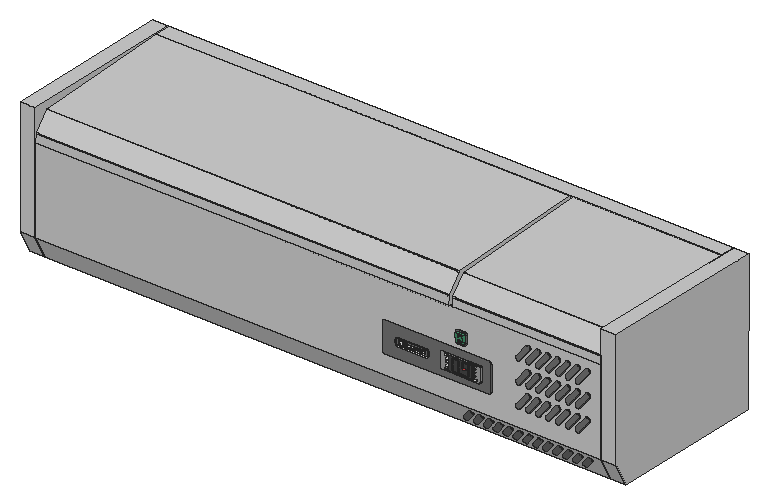
Revit family "QF_BLIZZARD_TOP1200-14EN", category Specialty Equipment, Revit 2016
Family settings
  Part Type = Normal
  Round Connector Dimension = Use Diameter
  OmniClass Number = 23.40.40.14
  OmniClass Title = Food Service Equipment
  Work Plane-Based = No
  Always vertical = Yes
  Cut with Voids When Loaded = No
  Shared = No
  Room Calculation Point = No
Parameters (values of type "TOP1200-14EN")
  URL = "www.blizzardequipment.com"
  Show Logo [instance] = yes
  Show Clearance [instance] = yes
  Model = "TOP1200-14EN"
  Manufacturer = "BLIZZARD"
  Description = "1/4 GASTRONORM PREP TOP WITH HINGED LID 1200MM"
  Assembly Code = "E1090320"
Reference planes
  plane 1 "Back": y = 0
  plane 2: z = 0
  plane 3 "Left": x = 0
  plane 4 "Right": x = 1200
  plane 5 "Front": y = -335
  plane 6 "Top": z = 281
Forms (mm)
  Extrusion 1, solid
    sketch origin (0, -4, -8) x (0, 1, 0) y (0, 0, 1)
      loop
        line (-331, 53) -> (-306, 8) -> (2.955, 8)
        arc (2.955, 8) -> (3.694, 8.306) -> (4, 9.045) r 1.045
        line (4, 9.045) -> (4, 289) -> (-331, 289) -> (-331, 53)
    from 0 to 30
  Extrusion 2, solid
    sketch origin (1170, -4, -8) x (0, 1, 0) y (0, 0, 1)
      loop
        line (-331, 53) -> (-306, 8) -> (2.955, 8)
        arc (2.955, 8) -> (3.694, 8.306) -> (4, 9.045) r 1.045
        line (4, 9.045) -> (4, 289) -> (-331, 289) -> (-331, 53)
    from 0 to 30
  Extrusion 3, solid
    sketch origin (-580, -4, -8) x (0, 1, 0) y (0, 0, 1)
      loop
        line (-331, 53) -> (-306, 8) -> (2.955, 8)
        arc (2.955, 8) -> (3.694, 8.306) -> (4, 9.045) r 1.045
        line (4, 9.045) -> (4, 289) -> (-26, 289) -> (-26, 38) -> (-288.348, 38) -> (-301, 60.774) -> (-301, 224.338) -> (-331, 224.338) -> (-331, 53)
    from 610 to 1750
  Extrusion 4, solid
    sketch origin (-10, -333.5, -8.948) x (1, 0, 0) y (0, 0, 1)
      loop
        line (1030, 207.338) -> (1011.08, 183.441)
        arc (1011.08, 183.441) -> (1011.896, 176.418) -> (1018.92, 177.234) r 5
        line (1018.92, 177.234) -> (1037.84, 201.13)
        arc (1037.84, 201.13) -> (1037.024, 208.154) -> (1030, 207.338) r 5
      loop
        line (1050, 207.338) -> (1031.08, 183.441)
        arc (1031.08, 183.441) -> (1031.896, 176.418) -> (1038.92, 177.234) r 5
        line (1038.92, 177.234) -> (1057.84, 201.13)
        arc (1057.84, 201.13) -> (1057.024, 208.154) -> (1050, 207.338) r 5
      loop
        line (1070, 207.338) -> (1051.08, 183.441)
        arc (1051.08, 183.441) -> (1051.896, 176.418) -> (1058.92, 177.234) r 5
        line (1058.92, 177.234) -> (1077.84, 201.13)
        arc (1077.84, 201.13) -> (1077.024, 208.154) -> (1070, 207.338) r 5
      loop
        line (1090, 207.338) -> (1071.08, 183.441)
        arc (1071.08, 183.441) -> (1071.896, 176.418) -> (1078.92, 177.234) r 5
        line (1078.92, 177.234) -> (1097.84, 201.13)
        arc (1097.84, 201.13) -> (1097.024, 208.154) -> (1090, 207.338) r 5
      loop
        line (1110, 207.338) -> (1091.08, 183.441)
        arc (1091.08, 183.441) -> (1091.896, 176.418) -> (1098.92, 177.234) r 5
        line (1098.92, 177.234) -> (1117.84, 201.13)
        arc (1117.84, 201.13) -> (1117.024, 208.154) -> (1110, 207.338) r 5
      loop
        line (1130, 207.338) -> (1111.08, 183.441)
        arc (1111.08, 183.441) -> (1111.896, 176.418) -> (1118.92, 177.234) r 5
        line (1118.92, 177.234) -> (1137.84, 201.13)
        arc (1137.84, 201.13) -> (1137.024, 208.154) -> (1130, 207.338) r 5
      loop
        line (1150, 207.338) -> (1131.08, 183.441)
        arc (1131.08, 183.441) -> (1131.896, 176.418) -> (1138.92, 177.234) r 5
        line (1138.92, 177.234) -> (1157.84, 201.13)
        arc (1157.84, 201.13) -> (1157.024, 208.154) -> (1150, 207.338) r 5
      loop
        line (1030, 163.441) -> (1011.08, 139.545)
        arc (1011.08, 139.545) -> (1011.896, 132.521) -> (1018.92, 133.338) r 5
        line (1018.92, 133.338) -> (1037.84, 157.234)
        arc (1037.84, 157.234) -> (1037.024, 164.258) -> (1030, 163.441) r 5
      loop
        line (1050, 163.441) -> (1031.08, 139.545)
        arc (1031.08, 139.545) -> (1031.896, 132.521) -> (1038.92, 133.338) r 5
        line (1038.92, 133.338) -> (1057.84, 157.234)
        arc (1057.84, 157.234) -> (1057.024, 164.258) -> (1050, 163.441) r 5
      loop
        line (1070, 163.441) -> (1051.08, 139.545)
        arc (1051.08, 139.545) -> (1051.896, 132.521) -> (1058.92, 133.338) r 5
        line (1058.92, 133.338) -> (1077.84, 157.234)
        arc (1077.84, 157.234) -> (1077.024, 164.258) -> (1070, 163.441) r 5
      loop
        line (1090, 163.441) -> (1071.08, 139.545)
        arc (1071.08, 139.545) -> (1071.896, 132.521) -> (1078.92, 133.338) r 5
        line (1078.92, 133.338) -> (1097.84, 157.234)
        arc (1097.84, 157.234) -> (1097.024, 164.258) -> (1090, 163.441) r 5
      loop
        line (1110, 163.441) -> (1091.08, 139.545)
        arc (1091.08, 139.545) -> (1091.896, 132.521) -> (1098.92, 133.338) r 5
        line (1098.92, 133.338) -> (1117.84, 157.234)
        arc (1117.84, 157.234) -> (1117.024, 164.258) -> (1110, 163.441) r 5
      loop
        line (1130, 163.441) -> (1111.08, 139.545)
        arc (1111.08, 139.545) -> (1111.896, 132.521) -> (1118.92, 133.338) r 5
        line (1118.92, 133.338) -> (1137.84, 157.234)
        arc (1137.84, 157.234) -> (1137.024, 164.258) -> (1130, 163.441) r 5
      loop
        line (1150, 163.441) -> (1131.08, 139.545)
        arc (1131.08, 139.545) -> (1131.896, 132.521) -> (1138.92, 133.338) r 5
        line (1138.92, 133.338) -> (1157.84, 157.234)
        arc (1157.84, 157.234) -> (1157.024, 164.258) -> (1150, 163.441) r 5
      loop
        line (1030, 119.663) -> (1011.08, 95.767)
        arc (1011.08, 95.767) -> (1011.896, 88.743) -> (1018.92, 89.559) r 5
        line (1018.92, 89.559) -> (1037.84, 113.456)
        arc (1037.84, 113.456) -> (1037.024, 120.479) -> (1030, 119.663) r 5
      loop
        line (1050, 119.663) -> (1031.08, 95.767)
        arc (1031.08, 95.767) -> (1031.896, 88.743) -> (1038.92, 89.559) r 5
        line (1038.92, 89.559) -> (1057.84, 113.456)
        arc (1057.84, 113.456) -> (1057.024, 120.479) -> (1050, 119.663) r 5
      loop
        line (1070, 119.663) -> (1051.08, 95.767)
        arc (1051.08, 95.767) -> (1051.896, 88.743) -> (1058.92, 89.559) r 5
        line (1058.92, 89.559) -> (1077.84, 113.456)
        arc (1077.84, 113.456) -> (1077.024, 120.479) -> (1070, 119.663) r 5
      loop
        line (1090, 119.663) -> (1071.08, 95.767)
        arc (1071.08, 95.767) -> (1071.896, 88.743) -> (1078.92, 89.559) r 5
        line (1078.92, 89.559) -> (1097.84, 113.456)
        arc (1097.84, 113.456) -> (1097.024, 120.479) -> (1090, 119.663) r 5
      loop
        line (1110, 119.663) -> (1091.08, 95.767)
        arc (1091.08, 95.767) -> (1091.896, 88.743) -> (1098.92, 89.559) r 5
        line (1098.92, 89.559) -> (1117.84, 113.456)
        arc (1117.84, 113.456) -> (1117.024, 120.479) -> (1110, 119.663) r 5
      loop
        line (1130, 119.663) -> (1111.08, 95.767)
        arc (1111.08, 95.767) -> (1111.896, 88.743) -> (1118.92, 89.559) r 5
        line (1118.92, 89.559) -> (1137.84, 113.456)
        arc (1137.84, 113.456) -> (1137.024, 120.479) -> (1130, 119.663) r 5
      loop
        line (1150, 119.663) -> (1131.08, 95.767)
        arc (1131.08, 95.767) -> (1131.896, 88.743) -> (1138.92, 89.559) r 5
        line (1138.92, 89.559) -> (1157.84, 113.456)
        arc (1157.84, 113.456) -> (1157.024, 120.479) -> (1150, 119.663) r 5
    from 0 to 2
  Extrusion 5, solid
    sketch origin (848, 205.936, 316.164) x (0, -0.34202, 0.939693) y (0, -0.939693, -0.34202)
      loop
        line (10.308, 247.326) -> (47.651, 233.734) -> (128.811, 499.195)
        arc (128.811, 499.195) -> (128.866, 499.813) -> (128.666, 500.4) r 1.501
        line (128.666, 500.4) -> (108.005, 535.217)
        arc (108.005, 535.217) -> (107.581, 535.724) -> (107.017, 536.068) r 2.032
        line (107.017, 536.068) -> (91.205, 542.456) -> (88.633, 535.39) -> (89.426, 502.22) -> (10.308, 247.326)
    from 24 to 322
  Extrusion 6, solid
    sketch origin (450.536, -333.5, -1719.361) x (1, 0, 0) y (0, 0, 1)
      loop
        arc (285, 1864.135) -> (281.464, 1862.671) -> (280, 1859.135) r 5
        line (280, 1859.135) -> (280, 1809.135)
        arc (280, 1809.135) -> (281.464, 1805.6) -> (285, 1804.135) r 5
        line (285, 1804.135) -> (494.464, 1804.135)
        arc (494.464, 1804.135) -> (498, 1805.6) -> (499.464, 1809.135) r 5
        line (499.464, 1809.135) -> (499.464, 1859.135)
        arc (499.464, 1859.135) -> (498, 1862.671) -> (494.464, 1864.135) r 5
        line (494.464, 1864.135) -> (285, 1864.135)
    from 0 to 2
  Extrusion 7, solid
    sketch origin (592.5, -333.5, -693.976) x (1, 0, 0) y (0, 0, 1)
      loop
        arc (260.5, 825) -> (258.379, 824.121) -> (257.5, 822) r 3
        line (257.5, 822) -> (257.5, 795.5)
        arc (257.5, 795.5) -> (258.379, 793.379) -> (260.5, 792.5) r 3
        line (260.5, 792.5) -> (334.5, 792.5)
        arc (334.5, 792.5) -> (336.621, 793.379) -> (337.5, 795.5) r 3
        line (337.5, 795.5) -> (337.5, 822)
        arc (337.5, 822) -> (336.621, 824.121) -> (334.5, 825) r 3
        line (334.5, 825) -> (260.5, 825)
    from 0 to 4
  Extrusion 8, solid
    sketch origin (592.5, -336.5, -683.976) x (1, 0, 0) y (0, 0, 1)
      loop
        arc (278, 812.5) -> (275.879, 811.621) -> (275, 809.5) r 3
        line (275, 809.5) -> (275, 788)
        arc (275, 788) -> (275.879, 785.879) -> (278, 785) r 3
        line (278, 785) -> (317, 785)
        arc (317, 785) -> (319.121, 785.879) -> (320, 788) r 3
        line (320, 788) -> (320, 809.5)
        arc (320, 809.5) -> (319.121, 811.621) -> (317, 812.5) r 3
        line (317, 812.5) -> (278, 812.5)
    from 0 to 2
  Extrusion 9, solid
    sketch origin (593.951, -337, -684.476) x (1, 0, 0) y (0, 0, 1)
      loop
        line (278.549, 800.5) -> (280.549, 800.5) -> (280.549, 809) -> (278.549, 809) -> (278.549, 800.5)
      loop
        line (278.549, 789) -> (280.549, 789) -> (280.549, 797) -> (278.549, 797) -> (278.549, 789)
      loop
        line (281.049, 811.5) -> (281.049, 809.5) -> (291.049, 809.5) -> (291.049, 811.5) -> (281.049, 811.5)
      loop
        line (293.549, 800.5) -> (293.549, 809) -> (291.549, 809) -> (291.549, 800.5) -> (293.549, 800.5)
      loop
        line (293.549, 789) -> (293.549, 797) -> (291.549, 797) -> (291.549, 789) -> (293.549, 789)
      loop
        line (281.049, 786.5) -> (291.049, 786.5) -> (291.049, 788.5) -> (281.049, 788.5) -> (281.049, 786.5)
      loop
        line (298.549, 800.5) -> (300.549, 800.5) -> (300.549, 809) -> (298.549, 809) -> (298.549, 800.5)
      loop
        line (301.049, 811.5) -> (301.049, 809.5) -> (311.049, 809.5) -> (311.049, 811.5) -> (301.049, 811.5)
      loop
        line (313.549, 800.5) -> (313.549, 809) -> (311.549, 809) -> (311.549, 800.5) -> (313.549, 800.5)
      loop
        line (313.549, 789) -> (313.549, 797) -> (311.549, 797) -> (311.549, 789) -> (313.549, 789)
      loop
        line (301.049, 798) -> (311.049, 798) -> (311.049, 800) -> (301.049, 800) -> (301.049, 798)
      loop
        line (301.049, 786.5) -> (311.049, 786.5) -> (311.049, 788.5) -> (301.049, 788.5) -> (301.049, 786.5)
      loop
        line (297.049, 786.5) -> (297.049, 788.5) -> (295.049, 788.5) -> (295.049, 786.5) -> (297.049, 786.5)
    from 0 to 2
  Extrusion 10, solid
    sketch origin (565.5, -336, -1688.976) x (1, 0, 0) y (0, 0, 1)
      loop
        arc (300, 1815) -> (299.121, 1817.121) -> (297, 1818) r 3
        line (297, 1818) -> (292, 1818) -> (292, 1816) -> (297, 1816)
        arc (297, 1816) -> (297.707, 1815.707) -> (298, 1815) r 1
        line (298, 1815) -> (298, 1811.5) -> (295, 1811.5) -> (295, 1809.5) -> (298, 1809.5) -> (298, 1805) -> (295, 1805) -> (295, 1803) -> (298, 1803) -> (298, 1798.5) -> (295, 1798.5) -> (295, 1796.5) -> (298, 1796.5) -> (298, 1793)
        arc (298, 1793) -> (297.707, 1792.293) -> (297, 1792) r 1
        line (297, 1792) -> (292, 1792) -> (292, 1790) -> (297, 1790)
        arc (297, 1790) -> (299.121, 1790.879) -> (300, 1793) r 3
        line (300, 1793) -> (300, 1815)
      loop
        line (349, 1815) -> (349, 1793)
        arc (349, 1793) -> (349.879, 1790.879) -> (352, 1790) r 3
        line (352, 1790) -> (357, 1790) -> (357, 1792) -> (352, 1792)
        arc (352, 1792) -> (351.293, 1792.293) -> (351, 1793) r 1
        line (351, 1793) -> (351, 1796.5) -> (354, 1796.5) -> (354, 1798.5) -> (351, 1798.5) -> (351, 1803) -> (354, 1803) -> (354, 1805) -> (351, 1805) -> (351, 1809.5) -> (354, 1809.5) -> (354, 1811.5) -> (351, 1811.5) -> (351, 1815)
        arc (351, 1815) -> (351.293, 1815.707) -> (352, 1816) r 1
        line (352, 1816) -> (357, 1816) -> (357, 1818) -> (352, 1818)
        arc (352, 1818) -> (349.879, 1817.121) -> (349, 1815) r 3
    from 0 to 2
  Extrusion 11, solid
    sketch origin (6, 205.936, 316.164) x (0, -0.34202, 0.939693) y (0, -0.939693, -0.34202)
      loop
        line (10.308, 247.326) -> (47.651, 233.734) -> (128.811, 499.195)
        arc (128.811, 499.195) -> (128.866, 499.813) -> (128.666, 500.4) r 1.501
        line (128.666, 500.4) -> (108.005, 535.217)
        arc (108.005, 535.217) -> (107.581, 535.724) -> (107.017, 536.068) r 2.032
        line (107.017, 536.068) -> (91.205, 542.456) -> (88.633, 535.39) -> (89.426, 502.22) -> (10.308, 247.326)
    from 24 to 859
  Extrusion 12, solid
    sketch origin (-10, -228.186, -144.176) x (1, 0, 0) y (0, -0.485643, 0.874157)
      loop
        line (1030, 207.338) -> (1011.08, 183.441)
        arc (1011.08, 183.441) -> (1011.896, 176.418) -> (1018.92, 177.234) r 5
        line (1018.92, 177.234) -> (1037.84, 201.13)
        arc (1037.84, 201.13) -> (1037.024, 208.154) -> (1030, 207.338) r 5
      loop
        line (1050, 207.338) -> (1031.08, 183.441)
        arc (1031.08, 183.441) -> (1031.896, 176.418) -> (1038.92, 177.234) r 5
        line (1038.92, 177.234) -> (1057.84, 201.13)
        arc (1057.84, 201.13) -> (1057.024, 208.154) -> (1050, 207.338) r 5
      loop
        line (1070, 207.338) -> (1051.08, 183.441)
        arc (1051.08, 183.441) -> (1051.896, 176.418) -> (1058.92, 177.234) r 5
        line (1058.92, 177.234) -> (1077.84, 201.13)
        arc (1077.84, 201.13) -> (1077.024, 208.154) -> (1070, 207.338) r 5
      loop
        line (1090, 207.338) -> (1071.08, 183.441)
        arc (1071.08, 183.441) -> (1071.896, 176.418) -> (1078.92, 177.234) r 5
        line (1078.92, 177.234) -> (1097.84, 201.13)
        arc (1097.84, 201.13) -> (1097.024, 208.154) -> (1090, 207.338) r 5
      loop
        line (1110, 207.338) -> (1091.08, 183.441)
        arc (1091.08, 183.441) -> (1091.896, 176.418) -> (1098.92, 177.234) r 5
        line (1098.92, 177.234) -> (1117.84, 201.13)
        arc (1117.84, 201.13) -> (1117.024, 208.154) -> (1110, 207.338) r 5
      loop
        line (1130, 207.338) -> (1111.08, 183.441)
        arc (1111.08, 183.441) -> (1111.896, 176.418) -> (1118.92, 177.234) r 5
        line (1118.92, 177.234) -> (1137.84, 201.13)
        arc (1137.84, 201.13) -> (1137.024, 208.154) -> (1130, 207.338) r 5
      loop
        line (1150, 207.338) -> (1131.08, 183.441)
        arc (1131.08, 183.441) -> (1131.896, 176.418) -> (1138.92, 177.234) r 5
        line (1138.92, 177.234) -> (1157.84, 201.13)
        arc (1157.84, 201.13) -> (1157.024, 208.154) -> (1150, 207.338) r 5
      loop
        line (910, 207.338) -> (891.08, 183.441)
        arc (891.08, 183.441) -> (891.896, 176.418) -> (898.92, 177.234) r 5
        line (898.92, 177.234) -> (917.84, 201.13)
        arc (917.84, 201.13) -> (917.024, 208.154) -> (910, 207.338) r 5
      loop
        line (930, 207.338) -> (911.08, 183.441)
        arc (911.08, 183.441) -> (911.896, 176.418) -> (918.92, 177.234) r 5
        line (918.92, 177.234) -> (937.84, 201.13)
        arc (937.84, 201.13) -> (937.024, 208.154) -> (930, 207.338) r 5
      loop
        line (950, 207.338) -> (931.08, 183.441)
        arc (931.08, 183.441) -> (931.896, 176.418) -> (938.92, 177.234) r 5
        line (938.92, 177.234) -> (957.84, 201.13)
        arc (957.84, 201.13) -> (957.024, 208.154) -> (950, 207.338) r 5
      loop
        line (970, 207.338) -> (951.08, 183.441)
        arc (951.08, 183.441) -> (951.896, 176.418) -> (958.92, 177.234) r 5
        line (958.92, 177.234) -> (977.84, 201.13)
        arc (977.84, 201.13) -> (977.024, 208.154) -> (970, 207.338) r 5
      loop
        line (990, 207.338) -> (971.08, 183.441)
        arc (971.08, 183.441) -> (971.896, 176.418) -> (978.92, 177.234) r 5
        line (978.92, 177.234) -> (997.84, 201.13)
        arc (997.84, 201.13) -> (997.024, 208.154) -> (990, 207.338) r 5
      loop
        line (1010, 207.338) -> (991.08, 183.441)
        arc (991.08, 183.441) -> (991.896, 176.418) -> (998.92, 177.234) r 5
        line (998.92, 177.234) -> (1017.84, 201.13)
        arc (1017.84, 201.13) -> (1017.024, 208.154) -> (1010, 207.338) r 5
    from 0 to 2
  Extrusion 13, solid
    sketch origin (882.5, -324.999, -637.226) x (1, 0, 0) y (0, 0, 1)
      loop
        arc (3, 815) -> (0.879, 814.121) -> (0, 812) r 3
        line (0, 812) -> (0, 798)
        arc (0, 798) -> (0.879, 795.879) -> (3, 795) r 3
        line (3, 795) -> (12, 795)
        arc (12, 795) -> (14.121, 795.879) -> (15, 798) r 3
        line (15, 798) -> (15, 812)
        arc (15, 812) -> (14.121, 814.121) -> (12, 815) r 3
        line (12, 815) -> (3, 815)
    from 9.001 to 20
  Extrusion 14, void
    sketch origin (880, 315.001, -637.226) x (0, 1, 0) y (0, 0, 1)
      loop
        line (-659.545, 817.359) -> (-661.721, 817.359) -> (-661.721, 793) -> (-653.921, 793) -> (-659.545, 817.359)
    from 0 to 20
  Extrusion 15, solid
    sketch origin (882.5, -333, -637.226) x (1, 0, 0) y (0, 0, 1)
      loop
        arc (3, 818) -> (-1.243, 816.243) -> (-3, 812) r 6
        line (-3, 812) -> (-3, 798)
        arc (-3, 798) -> (-1.243, 793.757) -> (3, 792) r 6
        line (3, 792) -> (12, 792)
        arc (12, 792) -> (16.243, 793.757) -> (18, 798) r 6
        line (18, 798) -> (18, 812)
        arc (18, 812) -> (16.243, 816.243) -> (12, 818) r 6
        line (12, 818) -> (3, 818)
    from 0 to 4
  Extrusion 16, solid
    sketch origin (520.219, -160.033, -612.402) x (1, 0, 0) y (0, -0.224951, 0.97437)
      loop
        line (368.781, 810.281) -> (368.781, 805.281) -> (370.781, 805.281) -> (370.781, 810.281) -> (368.781, 810.281)
    from 0 to 2
  Extrusion 17, solid
    sketch origin (520.219, -156.884, -626.044) x (1, 0, 0) y (0, -0.224951, 0.97437)
      loop
        circle (369.781, 809.781) r 2.5
      loop
        circle (369.781, 809.781) r 3.5
    from 0 to 2
  Extrusion 18, solid, visible <- "Show Logo"
    sketch origin (732.91, -333.7, -23.209) x (1, 0, 0) y (0, 0, 1)
      loop
        line (30.3, 133.137) -> (36.162, 133.137)
        arc (36.162, 133.137) -> (39.122, 134.994) -> (38.048, 138.319) r 2.844
        arc (38.048, 138.319) -> (38.838, 141.267) -> (36.338, 143.017) r 2.66
        line (36.338, 143.017) -> (31.338, 143.017) -> (30.3, 133.137)
      loop
        line (33.066, 135.126) -> (35.993, 135.126)
        arc (35.993, 135.126) -> (36.943, 136.076) -> (35.993, 137.026) r 0.95
        line (35.993, 137.026) -> (33.066, 137.026) -> (33.066, 135.126)
      loop
        line (33.528, 139.285) -> (36.147, 139.285)
        arc (36.147, 139.285) -> (36.994, 140.133) -> (36.147, 140.98) r 0.847
        line (36.147, 140.98) -> (33.528, 140.98) -> (33.528, 139.285)
      loop
        line (40.306, 133.137) -> (42.874, 133.137) -> (43.912, 143.017) -> (41.344, 143.017) -> (40.306, 133.137)
      loop
        line (45.174, 140.98) -> (47.749, 140.98) -> (47.964, 143.017) -> (45.389, 143.017) -> (45.174, 140.98)
      loop
        line (45.104, 140.313) -> (44.35, 133.137) -> (46.671, 133.137) -> (47.425, 140.313) -> (45.104, 140.313)
      loop
        line (48.314, 138.359) -> (51.196, 138.359) -> (47.765, 134.548) -> (47.765, 133.137) -> (54.184, 133.137) -> (54.393, 135.126) -> (51.213, 135.126) -> (54.657, 138.952) -> (54.657, 140.313) -> (48.519, 140.313) -> (48.314, 138.359)
      loop
        line (55.213, 138.359) -> (58.095, 138.359) -> (54.664, 134.548) -> (54.664, 133.137) -> (61.084, 133.137) -> (61.293, 135.126) -> (58.112, 135.126) -> (61.557, 138.952) -> (61.557, 140.313) -> (55.419, 140.313) -> (55.213, 138.359)
      loop
        arc (64.816, 137.983) -> (65.785, 138.952) -> (66.753, 137.983) r 0.969
        line (66.753, 137.983) -> (64.711, 137.436)
        arc (64.711, 137.436) -> (62.642, 134.297) -> (66.342, 133.633) r 2.251
        line (66.342, 133.633) -> (66.77, 132.921) -> (69.168, 132.921) -> (68.641, 134.052) -> (69.084, 138.274)
        arc (69.084, 138.274) -> (65.782, 140.567) -> (62.514, 138.225) r 3.488
        line (62.514, 138.225) -> (64.816, 137.983)
      loop
        line (69.848, 133.137) -> (72.232, 133.137) -> (72.59, 136.546)
        arc (72.59, 136.546) -> (73.413, 137.974) -> (75.025, 138.32) r 2.029
        line (75.025, 138.32) -> (75.83, 140.313)
        arc (75.83, 140.313) -> (74.279, 140.541) -> (72.927, 139.749) r 2.362
        line (72.927, 139.749) -> (72.927, 140.627) -> (70.635, 140.627) -> (69.848, 133.137)
      loop
        line (82.596, 133.137) -> (83.635, 143.017) -> (81.373, 143.017) -> (81.031, 139.764)
        arc (81.031, 139.764) -> (75.402, 137.124) -> (80.359, 133.372) r 3.631
        line (80.359, 133.372) -> (82.596, 133.137)
      loop
        spline (78.956, 134.82) -> (79.32, 134.851) -> (79.675, 135.016) -> (79.994, 135.304) -> (80.258, 135.695) -> (80.446, 136.164) -> (80.548, 136.677) -> (80.555, 137.2) -> (80.468, 137.697) -> (80.292, 138.134) -> (80.039, 138.483) -> (79.727, 138.718) -> (79.376, 138.823)
        spline (79.376, 138.823) -> (79.011, 138.793) -> (78.657, 138.628) -> (78.338, 138.34) -> (78.074, 137.948) -> (77.886, 137.48) -> (77.784, 136.967) -> (77.777, 136.444) -> (77.864, 135.947) -> (78.04, 135.509) -> (78.293, 135.161) -> (78.605, 134.926) -> (78.956, 134.82)
      loop
        line (66.385, 136.28) -> (64.729, 135.958)
        arc (64.729, 135.958) -> (64.361, 135.233) -> (65.042, 134.788) r 0.609
        arc (65.042, 134.788) -> (66.068, 135.215) -> (66.385, 136.28) r 1.295
      loop
        line (85.459, 146.184) -> (29.578, 146.184)
        arc (29.578, 146.184) -> (25.494, 144.492) -> (23.802, 140.407) r 5.777
        line (23.802, 140.407) -> (23.802, 135.662)
        arc (23.802, 135.662) -> (25.494, 131.578) -> (29.578, 129.886) r 5.777
        line (29.578, 129.886) -> (85.459, 129.886)
        arc (85.459, 129.886) -> (89.544, 131.578) -> (91.236, 135.662) r 5.777
        line (91.236, 135.662) -> (91.236, 140.407)
        arc (91.236, 140.407) -> (89.544, 144.492) -> (85.459, 146.184) r 5.777
      loop
        line (85.459, 145.184) -> (29.578, 145.184)
        arc (29.578, 145.184) -> (26.201, 143.785) -> (24.802, 140.407) r 4.777
        line (24.802, 140.407) -> (24.802, 135.662)
        arc (24.802, 135.662) -> (26.201, 132.285) -> (29.578, 130.886) r 4.777
        line (29.578, 130.886) -> (85.459, 130.886)
        arc (85.459, 130.886) -> (88.837, 132.285) -> (90.236, 135.662) r 4.777
        line (90.236, 135.662) -> (90.236, 140.407)
        arc (90.236, 140.407) -> (88.837, 143.785) -> (85.459, 145.184) r 4.777
    from 0 to 2
  Extrusion 19, solid, visible <- "Show Clearance", detail levels coarse
    sketch origin (0, 0, 0) x (0, 1, 0) y (0, 0, 1)
      loop
        line (-30, 281) -> (-30, 586)
        arc (-30, 586) -> (-251.287, 490.87) -> (-335, 265.016) r 305.715
        line (-335, 265.016) -> (-30, 281)
    from 30 to 865
  Extrusion 20, solid, visible <- "Show Clearance", detail levels coarse
    sketch origin (305, 0, 0) x (0, 1, 0) y (0, 0, 1)
      loop
        line (-30, 281) -> (-30, 586)
        arc (-30, 586) -> (-251.287, 490.87) -> (-335, 265.016) r 305.715
        line (-335, 265.016) -> (-30, 281)
    from 567 to 865
Cuts and joins
  Extrusion 14 cuts Extrusion 13
Lines and regions (mm)
  symbolic lines, style "200-EquipBorder-2D"
    curve 1: line (0, 0, 0) -> (1200, 0, 0)
    curve 2: line (0, -335, 0) -> (0, 0, 0)
    curve 3: line (1200, -335, 0) -> (0, -335, 0)
    curve 4: line (1200, 0, 0) -> (1200, -335, 0)
  symbolic lines, style "200-EquipInternal-2D"
    curve 5: line (30, -30, 0) -> (30, -335, 0)
    curve 6: line (1170, -30, 0) -> (30, -30, 0)
    curve 7: line (1170, -335, 0) -> (1170, -30, 0)
    curve 8: line (865, -335, 0) -> (865, -30, 0)
    curve 9: line (872, -30, 0) -> (872, -335, 0)
Dimensions and locks
  plane 3 "Left" to plane 4 "Right" = 1200 mm
  plane 5 "Front" to plane 1 "Back" = 335 mm
  plane 6 "Top" to level = 281 mm  (x2)
  plane 1 "Back" to plane 5 "Front" = 335 mm
  plane 4 "Right" to plane 3 "Left" = 1200 mm
  aligned and locked: level to plane 2
